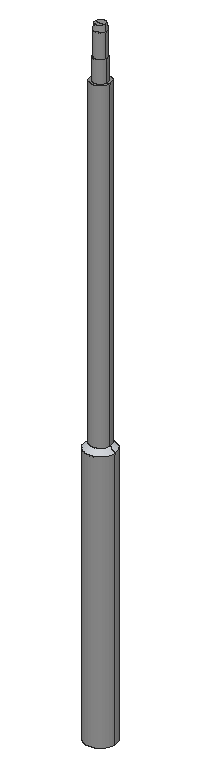
Revit family "Standard- Spreizwerkzeug E-SW 8x30", category Generic Models, Revit 2017
Family settings
  Can host rebar = No
  Round Connector Dimension = Use Diameter
  Part Type = Normal
  Work Plane-Based = No
  Always vertical = Yes
  Cut with Voids When Loaded = No
  Shared = No
  Room Calculation Point = No
Parameters (values of type "E-SW 8x30")
  URL = "http://www.obo-bettermann.com"
  Material = Steel
  Manufacturer Art.No. = "3492030"
  Manufacturer = "OBO BETTERMANN"
  GTIN = "4012196709717"
  Article Type = "E-SW 8x30"
Reference planes
  plane 1 "Center (Front/Back)": y = 0
  plane 2: z = 0
  plane 3 "Center (Left/Right)": x = 0
  plane 4: z = 142.25
  plane 5: z = 322
  plane 6: z = 333.82
  plane 7: z = 350
Forms (mm)
  Revolve 1, solid, material "Steel" <- "Material"
    sketch origin (0, 0, 0) x (1, 0, 0) y (0, 0, 1)
      loop
        line (0, 0) -> (8.033, 0) -> (8.033, 142.25) -> (0, 142.25) -> (0, 0)
      axis (0, 142.25) -> (0, 0)
    angle from 0 to 360
  Revolve 2, solid
    sketch origin (0, 0, 0) x (1, 0, 0) y (0, 0, 1)
      loop
        line (0, 142.25) -> (8, 142.25) -> (5.25, 145) -> (0, 145) -> (0, 142.25)
      axis (0, 145) -> (0, 142.25)
    angle from 0 to 360
  Revolve 3, solid, material "Steel" <- "Material"
    sketch origin (0, 0, 0) x (1, 0, 0) y (0, 0, 1)
      loop
        line (0, 145) -> (5.25, 145) -> (5.25, 322) -> (0, 322) -> (0, 145)
      axis (0, 322) -> (0, 145)
    angle from 0 to 360
  Revolve 4, solid, material "Steel" <- "Material"
    sketch origin (0, 0, 0) x (1, 0, 0) y (0, 0, 1)
      loop
        line (0, 322) -> (3.46, 322) -> (3.46, 333.82) -> (0, 333.82) -> (0, 322)
      axis (0, 333.82) -> (0, 322)
    angle from 0 to 360
  Revolve 5, solid, material "Steel" <- "Material"
    sketch origin (0, 0, 0) x (1, 0, 0) y (0, 0, 1)
      loop
        line (0, 333.82) -> (3.196, 333.82) -> (3.196, 347.16) -> (0, 347.16) -> (0, 333.82)
      axis (0, 347.16) -> (0, 333.82)
    angle from 0 to 360
  Revolve 6, solid, material "Steel" <- "Material"
    sketch origin (0, 0, 0) x (1, 0, 0) y (0, 0, 1)
      loop
        line (0, 347.16) -> (3.196, 347.16) -> (2.679, 350) -> (0, 350) -> (0, 347.16)
      axis (0, 350) -> (0, 347.16)
    angle from 0 to 360
Dimensions and locks
  locked: Revolve 1 sketch curve to Revolve 1 sketch curve at 142.25
  locked: Revolve 1 sketch curve to Revolve 1 sketch curve at 8.033
  locked: Revolve 2 sketch curve to Revolve 1 at 2.75
  locked: Revolve 2 sketch curve to Revolve 2 sketch curve at 5.25
  locked: Revolve 2 sketch curve to Revolve 2 sketch curve at 8
  locked: plane 5 to level at 322
  locked: Revolve 3 sketch curve to Revolve 3 sketch curve at 5.25
  locked: Revolve 3 sketch curve to Revolve 2 at 177
  locked: plane 6 to Revolve 1 at 333.82
  locked: Revolve 4 sketch curve to Revolve 3 at 11.82
  locked: Revolve 4 sketch curve to Revolve 4 sketch curve at 3.46
  locked: Revolve 5 sketch curve to Revolve 5 sketch curve at 3.196
  locked: Revolve 5 sketch curve to Revolve 4 at 13.34
  locked: plane 7 to level at 350
  locked: Revolve 6 sketch curve to Revolve 5 at 2.84
  locked: Revolve 6 sketch curve to Revolve 6 sketch curve at 2.679
  locked: Revolve 6 sketch curve to Revolve 6 sketch curve at 3.196
  aligned and locked: level to plane 2
  aligned and locked: Revolve 1 sketch curve to plane 3 "Center (Left/Right)"
  aligned and locked: Revolve 2 sketch curve to plane 3 "Center (Left/Right)"
  aligned and locked: Revolve 2 sketch curve to Revolve 1
  aligned and locked: plane 3 "Center (Left/Right)" to Revolve 2 sketch curve
  aligned and locked: Revolve 3 sketch curve to plane 3 "Center (Left/Right)"
  aligned and locked: Revolve 4 sketch curve to plane 3 "Center (Left/Right)"
  aligned and locked: plane 3 "Center (Left/Right)" to Revolve 4 sketch curve
  aligned and locked: Revolve 5 sketch curve to plane 3 "Center (Left/Right)"
  aligned and locked: Revolve 6 sketch curve to plane 3 "Center (Left/Right)"
